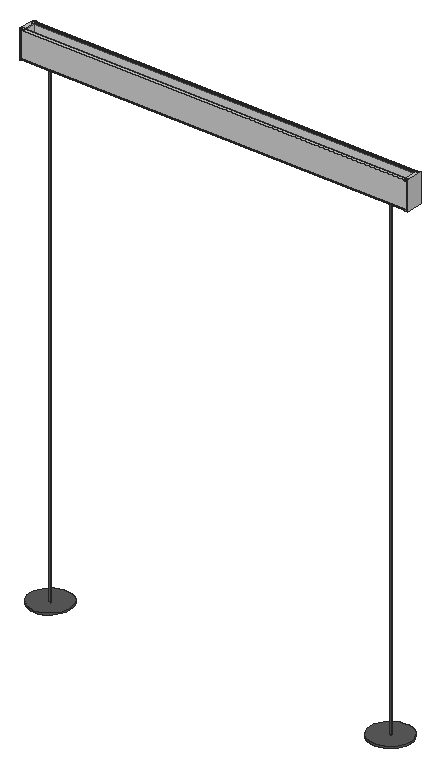
Revit family "Lighting_Linear_LED_StarTek_TallBeam1", category Lighting Fixtures, host Face, Revit 2019
Family settings
  Host = Face
  Round Connector Dimension = Use Diameter
  Part Type = Normal
  OmniClass Number = 23.80.70.11
  OmniClass Title = Luminaries for Internal Lighting
  Cut with Voids When Loaded = No
  Light Source = Yes
  Shared = No
  Room Calculation Point = No
Parameters (values of type "Not a type - Load Type Catalog!")
  z_Wall_M [instance] = 0 = 1  # no
  z_Wall_AM [instance] = 0 = 1  # no
  z_WallM [instance] = 0 = 1  # no
  z_Start [instance] = or(Run Option = StartShapeOpen, Run Option = z_Option Start)  # no
  z_Standalone [instance] = Run Option = z_Option Standalone  # yes
  z_SM None [instance] = and(not(z_L), z_Ceiling_SM)  # no
  z_Position [instance] = 5.01"  # constant formula
  z_Option Start Shape = Shape Run : Start Fixture for Closed Shapes
  z_Option Middle Shape = Shape Run : Middle Fixture
  z_Option End Shape = Shape Run : End Fixture
  z_L Shape = Shape Run : -L Shape
  z_L [instance] = Run Option = z_L Shape  # no
  z_Con1 [instance] = or(Run Option = z_Option Start Shape, Run Option = z_Option Middle Shape, Run Option = z_Option End Shape)  # no
  StartShapeOpen = Shape Run : Start Fixture for Open Shapes
  Run Option [instance] = Straight Run : Standalone Fixture
  Field Specified Cable Length Override [instance] = no
  AL10 = Aircraft Cable : with Loops 10' (AL10)
  AL05 [instance] = Aircraft Cable : with Loops 5' (AL05)
  AC10 = Aircraft Cable : with Canopy 10' (AC10)
  AC05 [instance] = Aircraft Cable : with Canopy 5' (AC05)
  z_No of Connectors 1 [instance] = if(or(z_Start, z_Standalone, Run Option = z_Option Start Shape, Run Option = StartShapeOpen, and(z_End, [Emergency Circuit - End Fixture])), 3, 2)  # 3
  z_Light Horizontal [instance] = if(z_L, Length / 4, Length / 2)  # 24.00"
  z_Fixed Mounting Point Right [instance] = and(not(z_L), or(Run Option = z_Option Start, Run Option = z_Option Standalone), z_Ceiling_PM)  # yes
  z_End [instance] = or(Run Option = z_Option End Shape, Run Option = z_Option End)  # no
  z_Middle [instance] = or(Run Option = z_Option Middle Shape, Run Option = z_Option Middle, Run Option = z_Option Start Shape)  # no
  z_SM = Surface Mounting : Surface Mounted (SM)
  z_Option Start [instance] = Straight Run : Start Fixture
  z_Option Standalone [instance] = Straight Run : Standalone Fixture
  z_Option Middle [instance] = Straight Run : Middle Fixture
  z_Option End [instance] = Straight Run : End Fixture
  z_Mep Y Distance [instance] = if(z_CeilingM, 5.01", 2.50")  # 5.01"
  z_Light Position [instance] = if(not(Mounting = z_SM), [z_Cord/Rod Length Control] + 3.50", if(Mounting = z_SM, 3.50", 1.50"))  # 63.50"
  z_Lamp Length 8’ = Length = 96.00"  # no
  z_Lamp Length 4’ = Length = 48.00"  # yes
  z_Fixed Mounting Point [instance] = and(or(Run Option = z_Option Start, Run Option = StartShapeOpen, Run Option = z_Option Standalone, z_L), z_Ceiling_PM)  # yes
  z_Distance [instance] = if(or(z_Start, z_Standalone, Run Option = StartShapeOpen), Length - 2.78", if(or(and(Run Option = z_Option End Shape, [Emergency Circuit - End Fixture]), Run Option = z_Option Start Shape), (Length / 2), if(not(z_Ceiling_PM), 2.78", 2.78" + z_Adjustable Size Control)))  # 45.22"
  z_Cord/Rod Length Control [instance] = if(Mounting = z_SM, 0.00", if(and(or(Mounting = AC05, Mounting = AL05, Mounting = AC10, Mounting = AL10), not(Field Specified Cable Length Override)), [Max Cord/Rod Length], if(and(Field Specified Cable Length Override, [Cord/Rod Length] < [Min Cord/Rod Length]), [Min Cord/Rod Length], if(and(Field Specified Cable Length Override, [Cord/Rod Length] > [Max Cord/Rod Length]), [Max Cord/Rod Length], [Cord/Rod Length]))))  # 60.00"
  z_Ceiling_SM [instance] = Mounting = z_SM  # no
  z_Ceiling_PM [instance] = not(Mounting = z_SM)  # yes
  z_CeilingM [instance] = 1 = 1  # yes
  z_Adjustable Size Control [instance] = if(End Mount Offset > Length / 2 - 2.78", Length / 2 - 2.78", End Mount Offset)  # 0.00"
  z_Adjustable Mounting Point [instance] = and(or(Run Option = z_Option End, Run Option = z_Option Middle), not(z_L), z_Ceiling_PM)  # no
  Width = 2.00"  # constant formula
  Weight = 0.00 lbf
  Wattage Comments = "Efficacy up to 141 lm/W"
  Wattage = 59.0652 W
  Voltage Range = "120-277V"
  built-in parameter 1150110 = 1 (stored number, unit not read)
  Voltage = 120 V
  URL = "https://starteklightingamerica.com/tall-beam/"
  Type Comments = "Linear Lighting Fixture"  # constant formula
  built-in parameter 1114217 = 1 (stored number, unit not read)
  Tilt Angle [instance] = 90.00°  # constant formula
  built-in parameter 1150109 = 1 (stored number, unit not read)
  built-in parameter 1150134 = (empty or 0)
  built-in parameter 1150113 = 1 (stored number, unit not read)
  Product data url = "https://www.bimobject.com/startek-lighting/product/tall-beam"
  Product Material [instance] = StarTek Lighting - Aluminum - Powder Coat Silver
  Power Factor = 0.93
  Photometric Web File = "Generic Light Source Shown : Please download and link the IES file that best matches your fixture specification"
  Photometric Note = "Import IES files https://starteklightingamerica.com/"  # constant formula
  Phase = 1
  Number of Poles = 1
  Mounting [instance] = Aircraft Cable : with Canopy 5' (AC05)
  Mount Finish Note [instance] = "Aircraft Cable mount can be ordered in white (ACW, ALW) or black (ACB, ALB)"  # constant formula
  Mount Finish [instance] = StarTek Lighting - Aluminum - Powder Coat Black
  Model = "Tall Beam"
  Min Cord/Rod Length [instance] = 1.00"  # constant formula
  Max Cord/Rod Length [instance] = if(or(Mounting = AC05, Mounting = AL05), 60.00", if(or(Mounting = AC10, Mounting = AL10), 120.00", 120.00"))  # 60.00"
  Manufacturer = "StarTek Lighting"  # constant formula
  built-in parameter 1150105 = 648.64 (stored number, unit not read)
  Lumens = 8151 lm
  built-in parameter 1150115 = 1 (stored number, unit not read)
  built-in parameter 1150137 = (empty or 0)
  built-in parameter 1150139 = (empty or 0)
  Length = 48.00"
  built-in parameter 1150112 = 1 (stored number, unit not read)
  built-in parameter 1150114 = 1 (stored number, unit not read)
  Lamp = "LED"  # constant formula
  Keynote = "16500"  # constant formula
  Input Wattage = 24 W
  built-in parameter 1150132 = 2
  built-in parameter 1150102 = (empty or 0)
  built-in parameter 1150107 = 3500 (stored number, unit not read)
  built-in parameter 1150138 = (empty or 0)
  built-in parameter 1150106 = 6.4864 (stored number, unit not read)
  Height = 5.50"  # constant formula
  Frequency = 60 Hz
  End Mount Offset [instance] = 0.00"
  Emit from Rectangle Width [instance] = 1.50"  # constant formula
  Emit from Rectangle Length [instance] = if(z_L, Length / 2 - 0.51", Length - 0.51")  # 47.49"
  Emit Shape Visible in Rendering = 2 < 1  # no
  Emergency Circuit - End Fixture [instance] = no
  Distribution = "SD"
  Description = "Tall Beam"  # constant formula
  built-in parameter 1150104 = 12.821 (stored number, unit not read)
  Dimming Lamp Color Temperature Shift = <None>
  Default Elevation = 48.00"
  Cord/Rod Length [instance] = 60.00"
  Color Filter = 16777215
  Color [instance] = "Available options: Powder Coat White (PW), Powder Coat Black (PB), Powder Coat Silver (PS), Powder Coat Bronze (PBR), Powder Coat Other (PO*)"  # constant formula
  CRI = "80"
  built-in parameter 1114218 = 1 (stored number, unit not read)
  built-in parameter 1150133 = 10 (stored number, unit not read)
  Assembly Code = "D5020200"
  Apparent Load = Input Wattage / (Number of Poles * Power Factor)  # 25.8065 VA
Reference planes (in)
  plane 1 "Center (Front/Back)": y = 0
  plane 2: z = 0
  plane 3 "Center (Left/Right)": x = 0
  plane 4 "None": z = 60
  plane 5: x = -21.21875
  plane 6 "Light source": z = 63.5
  plane 7 "Light Vertical": z = 60.49067
  plane 8 "Light Horizontal": y = 5.00781
  plane 9: z = 0.5
  plane 10: x = 21.21875
  plane 11: x = -21.75022
  plane 12: x = -20.68728
  plane 13: x = 20.68728
  plane 14: x = 21.75022
  plane 15: x = -22.2817
  plane 16: x = -20.1558
  plane 17: x = 20.1558
  plane 18: x = 22.2817
  plane 19: y = 2.5
  plane 20: x = -24
  plane 21: x = 24
  plane 22: x = 21.21875
  plane 23 "left": x = -21.22
  plane 24: y = -0.00219
  plane 25: y = 3.00781
Forms (in)
  Extrusion 1, solid, material "StarTek Lighting - Aluminum - Powder Coat Silver" <- "Product Material", not visible
    sketch origin (0, 1.1511, -0.03147) x (1, 0, 0) y (0, 0, 1)
      loop
        line (-21.25022, 0.03147) -> (-21.25022, -0.03147) -> (-21.18728, -0.03147) -> (-21.18728, 0.03147) -> (-21.25022, 0.03147)
    from -1.3606 to -1.33719
Dimensions and locks (in)
  Extrusion 1 sketch curve to level to Extrusion 1 sketch curve = 0.00", 0.06295"
  "z_Light Position": plane 6 "Light source" to host face
  plane 8 "Light Horizontal" to plane 1 "Center (Front/Back)" = 5.00781"
  plane 11 to plane 5 to plane 12 = 0.53147" locked, 0.53147" locked
  plane 13 to plane 10 to plane 14 = 0.53147" locked, 0.53147" locked
  plane 15 to plane 5 to plane 16 = 1.06295" locked, 1.06295" locked
  plane 17 to plane 10 to plane 18 = 1.06295" locked, 1.06295" locked
  locked: plane 7 "Light Vertical" to plane 4 "None" at 0.49067
  equal spacing: Extrusion 1, plane 19, Extrusion 1
  locked: Extrusion 1 to Extrusion 1 at 0.0234
  "z_Cord/Rod Length Control": plane 4 "None" to level
  Extrusion 1 to plane 19 to Extrusion 1 = 0.0117" locked, 0.0117" locked
  locked: plane 9 to level at 0.5
  equal spacing: plane 21, plane 3 "Center (Left/Right)", plane 20
  "Length": plane 21 to plane 20
  locked: plane 5 to plane 20 at 2.78125
  locked: plane 10 to plane 21 at 2.78125
  equal spacing: group 3, group 2, group 1
  equal spacing: group 1, group 2, group 3  (x2)
  "z_Distance": plane 21 to plane 23 "left"
  "z_Mep Y Distance": plane 8 "Light Horizontal" to plane 24
  locked: plane 8 "Light Horizontal" to plane 25 at 2
  locked: plane 20 to nested 8 at 23
  locked: plane 8 "Light Horizontal" to nested 8 at 25.22781
  "z_Adjustable Size Control": plane 22 to plane 10
  "z_Light Horizontal": plane 20 to imposter light
  aligned and locked: plane 2 to host face
  aligned and locked: level to host face
  aligned and locked: imposter light to plane 6 "Light source"
  aligned and locked: plane 3 "Center (Left/Right)" to nested 3
  aligned and locked: plane 5 to nested 2
  aligned and locked: nested 1 to plane 10
  aligned and locked: plane 1 "Center (Front/Back)" to nested 2
  aligned and locked: plane 22 to nested 4
  aligned and locked: plane 21 to nested 5
  aligned and locked: plane 23 "left" to nested 7
  aligned and locked: nested 5 to plane 24
  aligned and locked: nested 7 to plane 24
  aligned and locked: plane 3 "Center (Left/Right)" to nested 9
  aligned and locked: plane 1 "Center (Front/Back)" to nested 9
  aligned and locked: plane 1 "Center (Front/Back)" to imposter light
Automatic sketch dimensions
  host sketch curve to host sketch curve = 96.00"  (x2)
  Extrusion 1 sketch curve to plane 23 "left" = 0.03022"
  plane 5 to Extrusion 1 sketch curve = 0.03147"
Nested families (in)
  nested 1: "Aircraft Cable" at (21.21875, 0, 0), type <- "Mounting", visible <- "z_Fixed Mounting Point Right", Cord length <- "z_Cord/Rod Length Control", type "with Canopy 5' (AC05)"
    with Cord length 60.00"
  nested 2: "Aircraft Cable" at (-21.21875, 0, 0), type <- "Mounting", visible <- "z_Fixed Mounting Point", Cord length <- "z_Cord/Rod Length Control", type "with Canopy 5' (AC05)"
    with Cord length 60.00"
  nested 3: "Straight Run" at (-0.3935, 0, 60.49067), visible <- "z_CeilingM", type "Standalone Fixture"
    with Wall yes, Ceiling no
  nested 4: "Aircraft Cable" at (21.21875, 0, 0), type <- "Mounting", visible <- "z_Adjustable Mounting Point", Cord length <- "z_Cord/Rod Length Control", type "with Canopy 5' (AC05)"
    with Cord length 60.00"
  nested 5: "Connection" at (24, -0.00219, 0), type "Connection"
  nested 6: "Connection" at (1.39, -0.00219, 0), type "Connection"
  nested 7: "Connection" at (-21.22, -0.00219, 0), type "Connection"
  nested 8: "Aircraft Cable" at (-1, -20.22, 0), Cord length <- "z_Cord/Rod Length Control", type <- "Mounting", visible <- "z_L", type "with Canopy 5' (AC05)"
    with Cord length 60.00"
  nested 9: "Aircraft Cable" at (0, 0, 0), visible <- "z_Con1", Cord length <- "z_Cord/Rod Length Control", type <- "Mounting", type "with Canopy 5' (AC05)"
    with Cord length 60.00"
Connectors (in)
  electrical at (-21.22, -0.00219, 0), driven by "Number of Poles", driven by "Voltage", driven by "Apparent Load", driven by "Power Factor"
    settings: on nested 7, index 2, voltage 120 V, apparent load 0 VA, apparent load phase1 25.8065 VA, apparent load phase2 0 VA, apparent load phase3 0 VA, power factor 0.93, load classification "Other", number of poles 1, system type 31, power factor state 1, is connector primary yes, connector utility no, sub classification motor no, connector description "Power supply"
Definition of nested family "Aircraft Cable"
  Parameters (values of type "with Loops 10' (AL10)")
    Default Elevation = 48.00"
    Cord material = none
    Cord length [instance] = 36.00"
    Canopy = no
  Types (4): name | Canopy
    with Loops 10' (AL10) | no
    with Canopy 10' (AC10) | yes
    with Canopy 5' (AC05) | yes
    with Loops 5' (AL05) | no
  Reference planes (in)
    plane 1 "Center (Front/Back)": y = 0
    plane 2: z = 0
    plane 3 "Center (Left/Right)": x = 0
    plane 4 "canopy plane": z = 36
  Forms (in)
    Extrusion 1, solid, material <- "Cord material"
      sketch origin (0, 0, 0) x (1, 0, 0) y (0, 1, 0)
        loop
          circle (0, 0) r 0.09375
      from 0 to 36
    Extrusion 2, solid, material <- "Cord material", visible <- "Canopy"
      sketch origin (0, 0, 0.19141) x (-1, 0, 0) y (0, -1, 0)
        loop
          circle (0, 0) r 2.5
      from 0 to -0.19141
    Extrusion 3, solid, material <- "Cord material", visible <- "Canopy", not visible
      sketch origin (0, 0, 36) x (-1, 0, 0) y (0, -1, 0)
        loop
          circle (0, 0) r 2.5
      from 0 to -0.19141
  Dimensions and locks (in)
    "Cord length": plane 4 "canopy plane" to plane 2
    aligned and locked: plane 2 to level
    aligned and locked: plane 4 "canopy plane" to Extrusion 1
    aligned and locked: Extrusion 2 to plane 2
  Automatic sketch dimensions
    plane 1 "Center (Front/Back)" to Extrusion 1 sketch curve = 0.00"
    Extrusion 1 sketch curve to plane 3 "Center (Left/Right)" = 0.00"
    plane 1 "Center (Front/Back)" to Extrusion 2 sketch curve = 0.00"
    Extrusion 2 sketch curve to plane 3 "Center (Left/Right)" = 0.00"
    radius of Extrusion 1 sketch curve = 0.09375"
    radius of Extrusion 2 sketch curve = 2.50"
    radius of Extrusion 3 sketch curve = 2.50"
Definition of nested family "Straight Run"
  Parameters (values of type "End Fixture")
    z_Start = no
    z_Standalone = yes
    z_Right Cap = and(or(z_End, z_Standalone), z_None)  # yes
    z_None = not(z_L)  # yes
    z_Left Cap = and(or(z_Start, z_Standalone), z_None)  # yes
    z_L = no
    z_End = no
    Width = 2.00"  # constant formula
    Wall [instance] = yes
    Length = 48.00"
    Lamp Finish = none
    Height = 3.50"  # constant formula
    Default Elevation = 48.00"
    Ceiling [instance] = no
    BeamD-8 = Length = 96.00"  # no
    BeamD-4 = Length = 48.00"  # yes
  Types (4): name | z_Start | z_Standalone | z_Right Cap | z_Left Cap
    End Fixture | no | yes | yes | yes
    Middle Fixture | no | no | no | no
    Start Fixture | yes | no | no | yes
    Standalone Fixture | no | yes | yes | yes
  Reference planes (in)
    plane 1 "Center (Front/Back)": y = 0
    plane 2: z = 0
    plane 3 "Center (Left/Right)": x = 0.3935
    plane 4: z = -0.49163
    plane 5: x = -23.7415
    plane 6: x = 24.5285
    plane 7: y = 1
    plane 8: y = -1
    plane 9: y = 0.765
    plane 10: y = -0.765
    plane 11: z = -0.41967
    plane 12: z = -0.31671
    plane 13: z = -0.25371
    plane 14: z = 0.09039
    plane 15: z = 0.18379
    plane 16: x = -21.488
    plane 17: x = -20.4373
    plane 18: x = 22.275
    plane 19: x = 21.2243
    plane 20: x = 21.49632
    plane 21: x = -20.70933
    plane 22: x = 21.3177
    plane 23: x = -20.5307
    plane 24: x = -23.6065
    plane 25: x = 24.3935
    plane 26: z = 3.00837
    plane 27: x = -23.6065
    plane 28: x = 24.3885
  Forms (in)
    Extrusion 1, solid
      sketch origin (0, 0, 0) x (1, 0, 0) y (0, 1, 0)
        loop
          line (-48, 48) -> (-48, -48) -> (48, -48) -> (48, 48) -> (-48, 48)
      from 0 to -12
    Extrusion 2, solid, material <- "Lamp Finish", visible <- "z_None", detail levels coarse
      sketch origin (0, 0, 0) x (1, 0, 0) y (0, 1, 0)
        loop
          line (24.5285, -1) -> (24.5285, 1) -> (-23.7415, 1) -> (-23.7415, -1) -> (24.5285, -1)
      from -0.49067 to 3.00837
    Extrusion 3, solid, material <- "Lamp Finish", visible <- "z_None", detail levels medium
      sketch origin (0, 0, 0) x (1, 0, 0) y (0, 0, 1)
        loop
          line (23.91576, -0.25371) -> (21.74357, -0.25371) -> (21.74357, -0.31671) -> (23.85276, -0.31671) -> (23.85276, -0.41967) -> (24.36857, -0.41967) -> (24.36857, -0.35667) -> (23.91576, -0.35667) -> (23.91576, -0.25371)
        loop
          line (-20.95713, -0.25371) -> (-23.12932, -0.25371) -> (-23.12932, -0.35667) -> (-23.58213, -0.35667) -> (-23.58213, -0.41967) -> (-23.06632, -0.41967) -> (-23.06632, -0.31671) -> (-20.95713, -0.31671) -> (-20.95713, -0.25371)
      from -0.765 to 0.765
    Extrusion 4, solid, material <- "Lamp Finish", visible <- "z_None", detail levels medium+fine
      sketch origin (0, 0, 0) x (1, 0, 0) y (0, 1, 0)
        loop
          circle (22.99574, 0) r 0.43921
        loop
          circle (-22.20874, 0) r 0.43921
      from -0.41967 to -0.31671
    Extrusion 5, solid, material <- "Lamp Finish", visible <- "z_None", detail levels medium+fine
      sketch origin (0, 0, 0) x (1, 0, 0) y (0, 1, 0)
        loop
          line (21.2243, 0.775) -> (21.2243, 0.33305) -> (21.49632, 0.33305)
          arc (21.49632, 0.33305) -> (21.55882, 0.27055) -> (21.49632, 0.20805) r 0.0625
          line (21.49632, 0.20805) -> (21.2243, 0.20805) -> (21.2243, -0.20805) -> (21.49632, -0.20805)
          arc (21.49632, -0.20805) -> (21.55882, -0.27055) -> (21.49632, -0.33305) r 0.0625
          line (21.49632, -0.33305) -> (21.2243, -0.33305) -> (21.2243, -0.775) -> (22.275, -0.775) -> (22.275, 0.775) -> (21.2243, 0.775)
        loop
          line (-20.4373, 0.775) -> (-21.488, 0.775) -> (-21.488, -0.775) -> (-20.4373, -0.775) -> (-20.4373, -0.33305) -> (-20.70933, -0.33305)
          arc (-20.70933, -0.33305) -> (-20.77183, -0.27055) -> (-20.70933, -0.20805) r 0.0625
          line (-20.70933, -0.20805) -> (-20.4373, -0.20805) -> (-20.4373, 0.20805) -> (-20.70933, 0.20805)
          arc (-20.70933, 0.20805) -> (-20.77183, 0.27055) -> (-20.70933, 0.33305) r 0.0625
          line (-20.70933, 0.33305) -> (-20.4373, 0.33305) -> (-20.4373, 0.775)
      from 0.09039 to 0.18379
    Extrusion 6, solid, material <- "Lamp Finish", visible <- "z_None", detail levels medium+fine
      sketch origin (0, 0, 0) x (1, 0, 0) y (0, 1, 0)
        loop
          circle (22.00149, 0) r 0.1043
        loop
          circle (-21.2145, 0) r 0.1043
      from -0.25371 to 0.09039
    Extrusion 7, solid, material <- "Lamp Finish", visible <- "z_None", detail levels medium+fine
      sketch origin (0.3935, 0, 0) x (0, 1, 0) y (0, 0, 1)
        loop
          line (0.775, -0.25395) -> (0.775, 0.09029) -> (0.33305, 0.09029) -> (0.33305, -0.18383)
          arc (0.33305, -0.18383) -> (0.27055, -0.24633) -> (0.20805, -0.18383) r 0.0625
          line (0.20805, -0.18383) -> (0.20805, 0.09029) -> (-0.20805, 0.09029) -> (-0.20805, -0.18383)
          arc (-0.20805, -0.18383) -> (-0.27055, -0.24633) -> (-0.33305, -0.18383) r 0.0625
          line (-0.33305, -0.18383) -> (-0.33305, 0.09029) -> (-0.775, 0.09029) -> (-0.775, -0.25395) -> (-0.675, -0.35395) -> (-0.605, -0.35395) -> (-0.50702, -0.43395) -> (0.50702, -0.43395) -> (0.605, -0.35395) -> (0.675, -0.35395) -> (0.775, -0.25395)
      from 20.8308 to 20.9242
    Extrusion 8, solid, material <- "Lamp Finish", visible <- "z_None", detail levels medium+fine
      sketch origin (0.3935, 0, 0) x (0, 1, 0) y (0, 0, -1)
        loop
          line (0.775, 0.25395) -> (0.675, 0.35395) -> (0.605, 0.35395) -> (0.50702, 0.43395) -> (-0.50702, 0.43395) -> (-0.605, 0.35395) -> (-0.675, 0.35395) -> (-0.775, 0.25395) -> (-0.775, -0.09029) -> (-0.33305, -0.09029) -> (-0.33305, 0.18383)
          arc (-0.33305, 0.18383) -> (-0.27055, 0.24633) -> (-0.20805, 0.18383) r 0.0625
          line (-0.20805, 0.18383) -> (-0.20805, -0.09029) -> (0.20805, -0.09029) -> (0.20805, 0.18383)
          arc (0.20805, 0.18383) -> (0.27055, 0.24633) -> (0.33305, 0.18383) r 0.0625
          line (0.33305, 0.18383) -> (0.33305, -0.09029) -> (0.775, -0.09029) -> (0.775, 0.25395)
      from 20.8308 to 20.9242
    Sweep 9, solid, material <- "Lamp Finish", visible <- "z_None", detail levels medium+fine
      path origin (0, 0, 0) x (1, 0, 0) y (0, 1, 0)
        loop
          line (24.3935, 0) -> (-23.6065, 0)
      profile origin (0.3935, 0, 0) x (0, -1, 0) y (0, 0, 1)
        loop
          line (-0.925, 1.13429) -> (-0.925, 2.93337) -> (-0.75191, 2.93337) -> (-0.75191, 3.00837) -> (-0.9, 3.00837)
          arc (-0.9, 3.00837) -> (-0.97071, 2.97908) -> (-1, 2.90837) r 0.1
          line (-1, 2.90837) -> (-1, -0.39067)
          arc (-1, -0.39067) -> (-0.97071, -0.46138) -> (-0.9, -0.49067) r 0.1
          line (-0.9, -0.49067) -> (-0.765, -0.49067) -> (-0.765, -0.41567) -> (-0.925, -0.41567) -> (-0.925, 1.05929) -> (0.925, 1.05929) -> (0.925, -0.41567) -> (0.765, -0.41567) -> (0.765, -0.49067) -> (0.9, -0.49067)
          arc (0.9, -0.49067) -> (0.97071, -0.46138) -> (1, -0.39067) r 0.1
          line (1, -0.39067) -> (1, 2.90837)
          arc (1, 2.90837) -> (0.97071, 2.97908) -> (0.9, 3.00837) r 0.1
          line (0.9, 3.00837) -> (0.75191, 3.00837) -> (0.75191, 2.93337) -> (0.925, 2.93337) -> (0.925, 1.13429) -> (-0.925, 1.13429)
    Sweep 10, solid, visible <- "z_None", detail levels medium+fine
      path origin (0, 0, 0) x (1, 0, 0) y (0, 1, 0)
        loop
          line (24.3935, 0) -> (-23.6065, 0)
      profile origin (0.3935, 0, 0) x (0, -1, 0) y (0, 0, 1)
        loop
          line (-0.78125, 2.81553) -> (0.78125, 2.81553) -> (0.78125, 2.89553) -> (-0.78125, 2.89553) -> (-0.78125, 2.81553)
    Extrusion 11, solid, material <- "Lamp Finish", visible <- "z_None", detail levels fine
      sketch origin (0, 0, 0) x (1, 0, 0) y (0, 0, 1)
        loop
          line (23.91576, -0.25371) -> (21.74357, -0.25371) -> (21.74357, -0.31671) -> (23.85276, -0.31671) -> (23.85276, -0.41967) -> (24.36857, -0.41967) -> (24.36857, -0.35667) -> (23.91576, -0.35667) -> (23.91576, -0.25371)
        loop
          line (-20.95713, -0.25371) -> (-23.12932, -0.25371) -> (-23.12932, -0.35667) -> (-23.58213, -0.35667) -> (-23.58213, -0.41967) -> (-23.06632, -0.41967) -> (-23.06632, -0.31671) -> (-20.95713, -0.31671) -> (-20.95713, -0.25371)
      from -0.765 to 0.765
    Extrusion 12, void
      sketch origin (0, 0, 0) x (1, 0, 0) y (0, 1, 0)
        loop
          circle (-23.37564, 0.56171) r 0.07495
        loop
          circle (-23.37564, -0.56171) r 0.07495
        loop
          circle (24.16264, 0.56171) r 0.07495
        loop
          circle (24.16264, -0.56171) r 0.07495
      from -0.49163 to 1.05929
    Extrusion 13, solid, material <- "Lamp Finish", visible <- "z_Left Cap", detail levels medium+fine
      sketch origin (0, 0, 0) x (1, 0, 0) y (0, 0, 1)
        loop
          line (-23.35117, 3.00837) -> (-23.7415, 3.00837) -> (-23.7415, -0.49163) -> (-23.6065, -0.49163) -> (-23.6065, 2.89553) -> (-23.35117, 2.89553) -> (-23.35117, 3.00837)
      from -1 to 1
    Extrusion 14, solid, material <- "Lamp Finish", visible <- "z_Right Cap", detail levels medium+fine
      sketch origin (0, 0, 0) x (1, 0, 0) y (0, 0, 1)
        loop
          line (24.13816, 3.00837) -> (24.13816, 2.89553) -> (24.3935, 2.89553) -> (24.3935, -0.49163) -> (24.5285, -0.49163) -> (24.5285, 3.00837) -> (24.13816, 3.00837)
      from -1 to 1
    Sweep 15, solid, material <- "Lamp Finish", visible <- "z_L", detail levels medium+fine
      path origin (0, 0, 0) x (1, 0, 0) y (0, 1, 0)
        loop
          line (-0.6065, -23) -> (-0.6065, 0) -> (-23.6065, 0)
      profile origin (-12.1065, 0, 0) x (0, -1, 0) y (0, 0, 1)
        loop
          line (-0.925, 1.13429) -> (-0.925, 2.93337) -> (-0.75191, 2.93337) -> (-0.75191, 3.00837) -> (-0.9, 3.00837)
          arc (-0.9, 3.00837) -> (-0.97071, 2.97908) -> (-1, 2.90837) r 0.1
          line (-1, 2.90837) -> (-1, -0.39067)
          arc (-1, -0.39067) -> (-0.97071, -0.46138) -> (-0.9, -0.49067) r 0.1
          line (-0.9, -0.49067) -> (-0.765, -0.49067) -> (-0.765, -0.41567) -> (-0.925, -0.41567) -> (-0.925, 1.05929) -> (0.925, 1.05929) -> (0.925, -0.41567) -> (0.765, -0.41567) -> (0.765, -0.49067) -> (0.9, -0.49067)
          arc (0.9, -0.49067) -> (0.97071, -0.46138) -> (1, -0.39067) r 0.1
          line (1, -0.39067) -> (1, 2.90837)
          arc (1, 2.90837) -> (0.97071, 2.97908) -> (0.9, 3.00837) r 0.1
          line (0.9, 3.00837) -> (0.75191, 3.00837) -> (0.75191, 2.93337) -> (0.925, 2.93337) -> (0.925, 1.13429) -> (-0.925, 1.13429)
    Sweep 16, solid, visible <- "z_L", detail levels medium+fine
      path origin (0, 0, 0) x (1, 0, 0) y (0, 1, 0)
        loop
          line (-0.6065, -23) -> (-0.6065, 0) -> (-23.6065, 0)
      profile origin (-12.1065, 0, 0) x (0, -1, 0) y (0, 0, 1)
        loop
          line (-0.78125, 2.81553) -> (0.78125, 2.81553) -> (0.78125, 2.89553) -> (-0.78125, 2.89553) -> (-0.78125, 2.81553)
    Extrusion 17, solid, material <- "Lamp Finish", visible <- "z_L", detail levels coarse
      sketch origin (0, 0, 0) x (1, 0, 0) y (0, 1, 0)
        loop
          line (-1.6065, -1) -> (-1.6065, -23) -> (0.3935, -23) -> (0.3935, 1) -> (-23.6065, 1) -> (-23.6065, -1) -> (-1.6065, -1)
      from -0.49067 to 3.00837
  Cuts and joins
    joined: Extrusion 5, Extrusion 7, Extrusion 8
    Extrusion 12 cuts Extrusion 11
  Lines and regions (in)
    Masking region 1, visible <- "z_None"
      outline origin (0, 0, 0) x (1, 0, 0) y (0, 0, 1)
        loop
          line (-23.7415, 3.00837) -> (-23.7415, -0.49163) -> (24.5285, -0.49163) -> (24.5285, 3.00837) -> (-23.7415, 3.00837)
    Masking region 2, visible <- "z_Standalone", detail levels medium+fine
      outline origin (0, 0, 0) x (1, 0, 0) y (0, 0, 1)
        loop
          line (-23.35117, 3.00837) -> (-23.7415, 3.00837) -> (-23.7415, -0.49163) -> (-23.6065, -0.49163) -> (-23.6065, 2.89553) -> (-23.35117, 2.89553) -> (-23.35117, 3.00837)
        loop
          line (24.5285, 3.00837) -> (24.13816, 3.00837) -> (24.13816, 2.89553) -> (24.3935, 2.89553) -> (24.3935, -0.49163) -> (24.5285, -0.49163) -> (24.5285, 3.00837)
    Masking region 3, visible <- "z_None"
      outline origin (0, 0, 0) x (1, 0, 0) y (0, 1, 0)
        loop
          line (-23.6065, 1) -> (-23.6065, -1) -> (24.3885, -1) -> (24.3885, 1) -> (-23.6065, 1)
    Masking region 4, visible <- "z_Left Cap", detail levels medium+fine
      outline origin (0, 0, 0) x (1, 0, 0) y (0, 1, 0)
        loop
          line (-23.7415, 1) -> (-23.7415, -1) -> (-23.35117, -1) -> (-23.35117, 1) -> (-23.7415, 1)
        loop
          line (24.13816, 1) -> (24.13816, -1) -> (24.5285, -1) -> (24.5285, 1) -> (24.13816, 1)
    Masking region 5, visible <- "z_None", detail levels medium+fine
      outline origin (0, 0, 0) x (1, 0, 0) y (0, 1, 0)
        loop
          line (-23.35117, 0.75191) -> (-23.35117, -0.75191) -> (24.13816, -0.75191) -> (24.13816, 0.75191) -> (-23.35117, 0.75191)
    Masking region 6, visible <- "z_Left Cap", detail levels medium+fine
      outline origin (0, 0, 0) x (1, 0, 0) y (0, 0, 1)
        loop
          line (-23.7415, 3.00837) -> (-23.7415, -0.49163) -> (-23.6065, -0.49163) -> (-23.6065, 2.89553) -> (-23.35117, 2.89553) -> (-23.35117, 3.00837) -> (-23.7415, 3.00837)
    Masking region 7, visible <- "z_Right Cap"
      outline origin (0, 0, 0) x (1, 0, 0) y (0, 0, 1)
        loop
          line (24.13816, 3.00837) -> (24.13816, 2.89553) -> (24.3935, 2.89553) -> (24.3935, -0.49163) -> (24.5285, -0.49163) -> (24.5285, 3.00837) -> (24.13816, 3.00837)
    Masking region 8, visible <- "z_Left Cap"
      outline origin (0, 0, 0) x (1, 0, 0) y (0, 1, 0)
        loop
          line (-23.7415, 1) -> (-23.7415, -1) -> (-23.35117, -1) -> (-23.35117, 1) -> (-23.7415, 1)
    Masking region 9, visible <- "z_Right Cap"
      outline origin (0, 0, 0) x (1, 0, 0) y (0, 1, 0)
        loop
          line (24.13816, 1) -> (24.13816, -1) -> (24.5285, -1) -> (24.5285, 1) -> (24.13816, 1)
    Masking region 10, visible <- "z_L"
      outline origin (0, 0, 0) x (1, 0, 0) y (0, 1, 0)
        loop
          line (-23.6065, -1) -> (-1.6065, -1) -> (-1.6065, -23) -> (0.3935, -23) -> (0.3935, 1) -> (-23.6065, 1) -> (-23.6065, -1)
    Masking region 11, visible <- "z_L", detail levels medium+fine
      outline origin (0, 0, 0) x (1, 0, 0) y (0, 1, 0)
        loop
          line (-1.38775, -23) -> (0.17475, -23) -> (0.17475, 0.78125) -> (-23.6065, 0.78125) -> (-23.6065, -0.78125) -> (-1.38775, -0.78125) -> (-1.38775, -23)
    Masking region 12
      outline origin (0, 0, 0) x (1, 0, 0) y (0, 0, 1)
        loop
          line (-23.6065, 3.00837) -> (-23.6065, -0.49163) -> (0.3935, -0.49163) -> (0.3935, 3.00837) -> (-23.6065, 3.00837)
    Masking region 13, visible <- "z_L", detail levels medium+fine
      outline origin (0, 0, 0) x (1, 0, 0) y (0, 0, 1)
        loop
          line (-1.6065, 3.00837) -> (-1.6065, -0.49163) -> (0.3935, -0.49163) -> (0.3935, 3.00837) -> (-1.6065, 3.00837)
  Dimensions and locks (in)
    equal spacing: plane 5, plane 3 "Center (Left/Right)", plane 6
    plane 6 to Extrusion 3 sketch curve to Extrusion 3 sketch curve to Extrusion 3 sketch curve to Extrusion 3 sketch curve = 0.15992" locked, 0.45281" locked, 0.063" locked, 2.10919" locked
    Extrusion 3 sketch curve to Extrusion 3 sketch curve to Extrusion 3 sketch curve to Extrusion 3 sketch curve to plane 4 = 0.063" locked, 0.03996" locked, 0.063" locked, 0.07196" locked  (x2)
    Extrusion 3 sketch curve to Extrusion 3 sketch curve to Extrusion 3 sketch curve to Extrusion 3 sketch curve to plane 5 = 2.10919" locked, 0.063" locked, 0.45281" locked, 0.15937" locked
    locked: Extrusion 4 sketch curve to plane 6 at 1.53276
    locked: plane 5 to Extrusion 4 sketch curve at 1.53276
    locked: plane 5 to Sweep 9 sketch curve at 0.135
    locked: Sweep 9 sketch curve to plane 6 at 0.135
    locked: Sweep 10 sketch curve to plane 5 at 0.135
    locked: plane 6 to Sweep 10 sketch curve at 0.135
    locked: plane 5 to Extrusion 6 sketch curve at 2.527
    locked: Extrusion 6 sketch curve to plane 6 at 2.527
    locked: plane 19 to plane 20 at 0.27202
    locked: plane 21 to plane 17 at 0.27202
    Extrusion 11 sketch curve to Extrusion 11 sketch curve to Extrusion 11 sketch curve to Extrusion 11 sketch curve = 0.45281" locked, 0.063" locked, 2.10919" locked
    Extrusion 11 sketch curve to Extrusion 11 sketch curve to Extrusion 11 sketch curve to Extrusion 11 sketch curve = 0.063" locked, 0.03996" locked, 0.063" locked  (x2)
    Extrusion 11 sketch curve to Extrusion 11 sketch curve to Extrusion 11 sketch curve to Extrusion 11 sketch curve = 2.10919" locked, 0.063" locked, 0.45281" locked
    Extrusion 12 sketch curve to plane 1 "Center (Front/Back)" to Extrusion 12 sketch curve = 0.56171" locked, 0.56171" locked  (x2)
    locked: Extrusion 12 sketch curve to plane 6 at 0.36586  (x2)
    locked: plane 5 to Extrusion 12 sketch curve at 0.36586  (x2)
    plane 17 to plane 23 to plane 16 to plane 5 = 0.0934" locked, 0.9573" locked, 2.2535" locked
    plane 19 to plane 22 to plane 18 to plane 6 = 0.0934" locked, 0.9573" locked, 2.2535" locked
    locked: plane 5 to plane 24 at 0.135
    locked: plane 25 to plane 6 at 0.135
    "Length": plane 24 to plane 25
    equal spacing: plane 7, plane 1 "Center (Front/Back)", plane 8
    "Width": plane 7 to plane 8
    plane 11 to plane 12 to plane 13 to plane 2 to plane 14 to plane 15 = 0.10296" locked, 0.063" locked, 0.25371" locked, 0.09039" locked, 0.0934" locked
    "Height": plane 4 to plane 26
    locked: plane 4 to plane 11 at 0.07196
    locked: Sweep 9 sketch curve to plane 26 at 0.075  (x2)
    plane 4 to Sweep 9 sketch curve to Sweep 9 sketch curve = 1.55092" locked, 0.075" locked
    locked: plane 7 to Sweep 10 sketch curve at 0.21875
    locked: Sweep 10 sketch curve to plane 8 at 0.21875
    Sweep 10 sketch curve to Sweep 10 sketch curve to plane 26 = 0.08" locked, 0.11285" locked
    locked: plane 7 to Sweep 9 sketch curve at 0.24809
    locked: Sweep 9 sketch curve to plane 8 at 0.24809
    Extrusion 13 sketch curve to Extrusion 13 sketch curve to plane 5 = 0.25534", 0.135"
    Extrusion 14 sketch curve to Extrusion 14 sketch curve to plane 6 = 0.25534" locked, 0.135" locked
    locked: plane 26 to Extrusion 14 sketch curve at 0.11285
    plane 5 to Masking region 6 sketch curve to Masking region 6 sketch curve = 0.135" locked, 0.25534" locked
    locked: plane 6 to Masking region 7 sketch curve at 0.39034
    locked: plane 5 to Masking region 8 sketch curve at 0.39034
    locked: Masking region 9 sketch curve to plane 6 at 0.39034
    locked: plane 5 to plane 27 at 0.135
    locked: plane 28 to plane 6 at 0.14
    locked: Sweep 15 sketch curve to Sweep 15 sketch curve at 0.075
    locked: plane 27 to Sweep 15 sketch curve at 23
    locked: plane 7 to Sweep 15 sketch curve at 24
    locked: Sweep 16 sketch curve to Sweep 16 sketch curve at 0.08
    locked: plane 27 to Sweep 16 sketch curve at 23
    locked: plane 7 to Sweep 16 sketch curve at 24
    plane 5 to Extrusion 17 sketch curve to Extrusion 17 sketch curve = 22.135" locked, 2.00" locked
    aligned and locked: plane 2 to Extrusion 1
    aligned and locked: level to Extrusion 1
    aligned and locked: Extrusion 2 to plane 5
    aligned and locked: plane 9 to Extrusion 3
    aligned and locked: Extrusion 3 to plane 10
    aligned and locked: plane 1 "Center (Front/Back)" to Extrusion 4 sketch curve  (x2)
    aligned and locked: Extrusion 4 to plane 12
    aligned and locked: plane 11 to Extrusion 4
    aligned and locked: Sweep 9 sketch curve to plane 1 "Center (Front/Back)"
    aligned and locked: Sweep 10 sketch curve to plane 1 "Center (Front/Back)"
    aligned and locked: plane 1 "Center (Front/Back)" to Extrusion 6 sketch curve  (x2)
    aligned and locked: plane 13 to Extrusion 6
    aligned and locked: Extrusion 6 to plane 14
    aligned and locked: plane 14 to cut or joined group of Extrusion 5, Extrusion 7, Extrusion 8
    aligned and locked: cut or joined group of Extrusion 5, Extrusion 7, Extrusion 8 to plane 15
    aligned and locked: Extrusion 5 sketch curve to plane 19
    aligned and locked: plane 19 to Extrusion 5 sketch curve  (x2)
    aligned and locked: Extrusion 5 sketch curve to plane 18
    aligned and locked: plane 20 to Extrusion 5 sketch curve  (x2)
    aligned and locked: Extrusion 5 sketch curve to plane 16
    aligned and locked: plane 17 to Extrusion 5 sketch curve  (x3)
    aligned and locked: plane 21 to Extrusion 5 sketch curve  (x2)
    aligned and locked: Extrusion 5 to Extrusion 7
    aligned and locked: plane 22 to Extrusion 7
    aligned and locked: plane 17 to cut or joined group of Extrusion 5, Extrusion 7, Extrusion 8
    aligned and locked: Extrusion 8 to plane 23
    aligned and locked: plane 4 to Extrusion 12
    aligned and locked: Extrusion 2 to plane 26
    aligned and locked: plane 7 to Sweep 9 sketch curve
    aligned and locked: Sweep 9 sketch curve to plane 8
    aligned and locked: Sweep 9 sketch curve to plane 26
    aligned and locked: plane 10 to Sweep 9 sketch curve
    aligned and locked: Sweep 9 sketch curve to plane 9
    aligned and locked: Masking region 1 sketch curve to plane 6
    aligned and locked: plane 26 to Masking region 1 sketch curve
    aligned and locked: plane 5 to Masking region 1 sketch curve
    aligned and locked: Masking region 1 sketch curve to plane 4
    aligned and locked: Masking region 2 sketch curve to plane 26  (x2)
    aligned and locked: Masking region 2 sketch curve to plane 4  (x2)
    aligned and locked: Masking region 2 sketch curve to plane 5
    aligned and locked: Masking region 2 sketch curve to plane 24
    aligned and locked: Masking region 2 sketch curve to plane 6
    aligned and locked: Masking region 2 sketch curve to plane 25
    aligned and locked: Masking region 3 sketch curve to plane 7
    aligned and locked: plane 8 to Masking region 3 sketch curve
    aligned and locked: Masking region 4 sketch curve to plane 7  (x2)
    aligned and locked: plane 8 to Masking region 4 sketch curve  (x2)
    aligned and locked: Masking region 4 sketch curve to plane 6
    aligned and locked: plane 5 to Masking region 4 sketch curve
    aligned and locked: Sweep 9 to Masking region 5 sketch curve  (x2)
    aligned and locked: Extrusion 13 sketch curve to plane 5
    aligned and locked: plane 4 to Extrusion 13 sketch curve
    aligned and locked: Extrusion 14 sketch curve to plane 6
    aligned and locked: plane 26 to Extrusion 14 sketch curve
    aligned and locked: plane 4 to Extrusion 14 sketch curve
    aligned and locked: plane 5 to Masking region 6 sketch curve
    aligned and locked: plane 26 to Masking region 6 sketch curve
    aligned and locked: Masking region 6 sketch curve to plane 4
    aligned and locked: plane 26 to Masking region 7 sketch curve
    aligned and locked: Masking region 7 sketch curve to plane 6
    aligned and locked: Masking region 7 sketch curve to plane 4
    aligned and locked: Masking region 7 sketch curve to plane 25
    aligned and locked: plane 7 to Extrusion 13
    aligned and locked: Extrusion 13 to plane 8
    aligned and locked: plane 7 to Extrusion 14
    aligned and locked: Extrusion 14 to plane 8
    aligned and locked: plane 5 to Masking region 8 sketch curve
    aligned and locked: Masking region 8 sketch curve to plane 7
    aligned and locked: plane 8 to Masking region 8 sketch curve
    aligned and locked: Masking region 9 sketch curve to plane 6
    aligned and locked: Masking region 9 sketch curve to plane 7
    aligned and locked: plane 8 to Masking region 9 sketch curve
    aligned and locked: Masking region 3 sketch curve to plane 28
    aligned and locked: Masking region 3 sketch curve to plane 27
    aligned and locked: plane 27 to Sweep 15 sketch curve
    aligned and locked: plane 27 to Sweep 16 sketch curve
    aligned and locked: Sweep 16 sketch curve to plane 1 "Center (Front/Back)"
    aligned and locked: Extrusion 17 sketch curve to plane 27
    aligned and locked: Masking region 10 sketch curve to Extrusion 17  (x6)
    aligned and locked: Masking region 11 sketch curve to Sweep 16  (x6)
    aligned and locked: Masking region 12 sketch curve to Extrusion 17  (x2)
    aligned and locked: Masking region 12 sketch curve to plane 4
    aligned and locked: Masking region 13 sketch curve to Extrusion 17
    aligned and locked: Masking region 13 sketch curve to plane 26
    aligned and locked: Masking region 13 sketch curve to plane 4
  Automatic sketch dimensions
    Extrusion 1 sketch curve to Extrusion 1 sketch curve = 96.00"  (x2)
    Extrusion 2 sketch curve to plane 5 = 0.00"
    Extrusion 2 sketch curve to plane 6 = 0.00"
    Extrusion 2 sketch curve to plane 8 = 0.00"
    Extrusion 2 sketch curve to plane 7 = 0.00"
    Extrusion 5 sketch curve to plane 10 = 0.01"  (x2)
    plane 1 "Center (Front/Back)" to Extrusion 5 sketch curve = 0.33305"  (x2)
    Extrusion 5 sketch curve to Extrusion 5 sketch curve = 0.0625"  (x4)
    Extrusion 5 sketch curve to plane 1 "Center (Front/Back)" = 0.20805"  (x2)
    plane 9 to Extrusion 5 sketch curve = 0.01"  (x2)
    plane 13 to Extrusion 7 sketch curve = 0.00024"  (x2)
    Extrusion 7 sketch curve to plane 10 = 0.01"
    plane 12 to Extrusion 7 sketch curve = 0.03724"  (x2)
    plane 10 to Extrusion 7 sketch curve = 0.09"
    Extrusion 7 sketch curve to Extrusion 7 sketch curve = 0.07"  (x2)
    plane 11 to Extrusion 7 sketch curve = 0.01428"
    Extrusion 7 sketch curve to Extrusion 7 sketch curve = 0.09798"  (x2)
    plane 14 to Extrusion 7 sketch curve = 0.0001"  (x3)
    plane 1 "Center (Front/Back)" to Extrusion 7 sketch curve = 0.33305"
    Extrusion 7 sketch curve to Extrusion 7 sketch curve = 0.0625"  (x2)
    Extrusion 7 sketch curve to plane 1 "Center (Front/Back)" = 0.20805"
    Extrusion 7 sketch curve to plane 9 = 0.25798"
    plane 9 to Extrusion 7 sketch curve = 0.01"
    Extrusion 7 sketch curve to plane 13 = 0.06988"  (x2)
    plane 13 to Extrusion 8 sketch curve = 0.00024"  (x2)
    Extrusion 8 sketch curve to plane 10 = 0.01"
    plane 12 to Extrusion 8 sketch curve = 0.03724"  (x2)
    plane 10 to Extrusion 8 sketch curve = 0.09"
    Extrusion 8 sketch curve to Extrusion 8 sketch curve = 0.07"  (x2)
    plane 11 to Extrusion 8 sketch curve = 0.01428"
    Extrusion 8 sketch curve to Extrusion 8 sketch curve = 0.09798"  (x2)
    plane 14 to Extrusion 8 sketch curve = 0.0001"  (x3)
    plane 1 "Center (Front/Back)" to Extrusion 8 sketch curve = 0.33305"
    Extrusion 8 sketch curve to Extrusion 8 sketch curve = 0.0625"  (x2)
    Extrusion 8 sketch curve to plane 1 "Center (Front/Back)" = 0.20805"
    Extrusion 8 sketch curve to plane 9 = 0.25798"
    plane 9 to Extrusion 8 sketch curve = 0.01"
    Extrusion 8 sketch curve to plane 13 = 0.06988"  (x2)
    profile plane to Sweep 9 sketch curve = 0.925"
    Sweep 9 sketch curve to Sweep 9 sketch curve = 0.075"
    Sweep 9 sketch curve to Sweep 9 sketch curve = 0.025"  (x5)
    Sweep 9 sketch curve to Sweep 9 sketch curve = 0.10"  (x2)
    Sweep 9 sketch curve to profile plane = 0.925"
    Sweep 9 sketch curve to Sweep 9 sketch curve = 0.00"
    Sweep 9 sketch curve to level = 0.39067"  (x2)
    Extrusion 11 sketch curve to plane 11 = 0.00"
    Extrusion 11 sketch curve to plane 13 = 0.00"
    Extrusion 11 sketch curve to plane 24 = 0.02437"
    plane 22 to Extrusion 11 sketch curve = 0.42588"
    Extrusion 13 sketch curve to plane 26 = 0.00"
    Extrusion 13 sketch curve to Extrusion 13 sketch curve = 0.11285"
    plane 26 to Masking region 6 sketch curve = 0.11285"
    Masking region 7 sketch curve to Masking region 7 sketch curve = 0.11285"
    plane 1 "Center (Front/Back)" to Sweep 15 sketch curve = 0.00"
    profile plane to Sweep 15 sketch curve = 1.00"
    profile plane to Sweep 15 sketch curve = 0.925"
    Sweep 15 sketch curve to Sweep 15 sketch curve = 0.075"  (x5)
    Sweep 15 sketch curve to Sweep 15 sketch curve = 0.025"  (x3)
    Sweep 15 sketch curve to Sweep 15 sketch curve = 0.135"  (x2)
    Sweep 15 sketch curve to Sweep 15 sketch curve = 0.14809"  (x2)
    Sweep 15 sketch curve to profile plane = 0.75191"
    Sweep 15 sketch curve to level = 0.49067"  (x2)
    Sweep 15 sketch curve to profile plane = 0.765"
    Sweep 15 sketch curve to profile plane = 0.925"
    Sweep 15 sketch curve to Sweep 15 sketch curve = 0.00"
    level to Sweep 15 sketch curve = 1.05929"
    Sweep 15 sketch curve to Sweep 15 sketch curve = 1.77408"
    Sweep 15 sketch curve to Sweep 15 sketch curve = 0.10"
    profile plane to Sweep 16 sketch curve = 0.78125"
    Sweep 16 sketch curve to profile plane = 0.78125"
    level to Sweep 16 sketch curve = 2.81553"
    Masking region 2 sketch curve to plane 24 = 0.25534"
    plane 26 to Masking region 2 sketch curve = 0.11285"
    Masking region 2 sketch curve to plane 28 = 0.25034"
    Masking region 2 sketch curve to Masking region 2 sketch curve = 0.11285"
    Masking region 4 sketch curve to plane 24 = 0.25534"
    Masking region 4 sketch curve to plane 28 = 0.25034"
    Masking region 5 sketch curve to plane 24 = 0.25534"
    Masking region 5 sketch curve to plane 28 = 0.25034"
    Masking region 13 sketch curve to plane 3 "Center (Left/Right)" = 0.00"
    Masking region 12 sketch curve to plane 3 "Center (Left/Right)" = 0.00"
    Extrusion 17 sketch curve to plane 8 = 0.00"
    Extrusion 17 sketch curve to plane 7 = 0.00"
    Extrusion 17 sketch curve to plane 8 = 22.00"
    radius of Extrusion 4 sketch curve = 0.43921"  (x2)
    radius of Extrusion 6 sketch curve = 0.1043"  (x2)
    radius of Extrusion 12 sketch curve = 0.07495"  (x4)
Definition of nested family "Connection"
  Parameters (values of type "Connection")
    Default Elevation = 48.00"
  Reference planes (in)
    plane 1 "Center (Front/Back)": y = 0
    plane 2: z = 0
    plane 3 "Center (Left/Right)": x = 0
  Forms (in)
    Extrusion 1, solid
      sketch origin (0, 0, 0) x (1, 0, 0) y (0, 1, 0)
        loop
          line (-48, 48) -> (-48, -48) -> (48, -48) -> (48, 48) -> (-48, 48)
      from 0 to -12
    Extrusion 2, solid, not visible
      sketch origin (0, 0, 0) x (1, 0, 0) y (0, 1, 0)
        loop
          circle (0, 0) r 0.19685
      from 0 to 0.19321
  Dimensions and locks (in)
    aligned and locked: plane 2 to Extrusion 1
    aligned and locked: level to Extrusion 1
